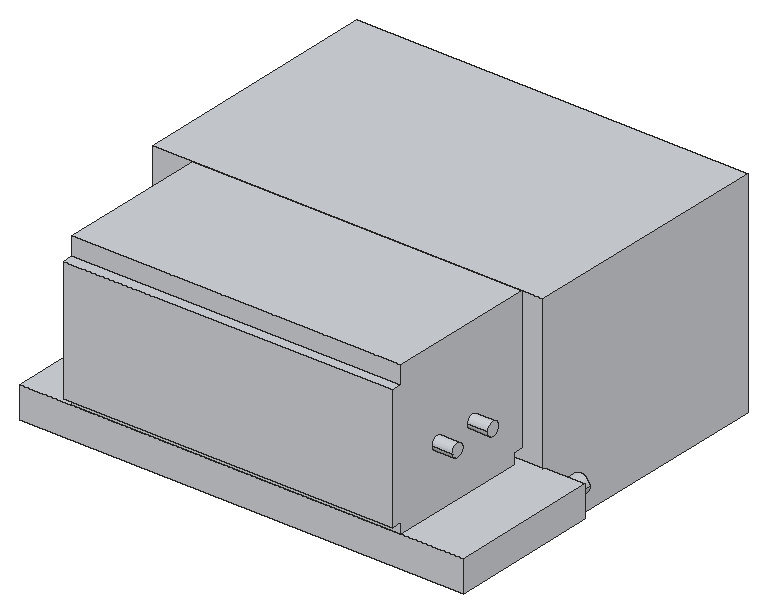
Revit family "rmeadvancedsamplefamily", category Mechanical Equipment, Revit 2021
Family settings
  Round Connector Dimension = Use Diameter
  Part Type = Normal
  OmniClass Number = 23.75.70.17.27
  OmniClass Title = Fan Coil Units
  Work Plane-Based = No
  Always vertical = Yes
  Cut with Voids When Loaded = No
  Shared = No
  Room Calculation Point = No
Parameters (values of type "94 LPS")
  Voltage = 120 V
  Unit Length = 539.8 mm
  Unit Height = 222.3 mm
  Total Cooling Capacity = 1758.43 W
  Supply Air Width = 400 mm
  Supply Air Height = 150 mm
  Sensible Cooling Capacity = 1348.13 W
  Return Air Width = 475 mm
  Refrigerant Flow [instance] = 0.06 L/s
  Number of Poles = 1
  Nominal Air Flow [instance] = 94.39 L/s
  Load Classification = Cooling
  External Static Pressure [instance] = 74.65 Pa
  Drain Flow [instance] = 0.0 L/s
  Default Elevation = 0 mm
  CFU Material = none
  C2 Offset 1 = 108 mm
  C1 Offset 1 = 108 mm
  Assembly Code = ""
  Apparent Load = 50 VA
Types (7, lengths in mm): name | Unit Length | Unit Height | Total Cooling Capacity | Supply Air Width | Supply Air Height | Sensible Cooling Capacity | Return Air Width | Refrigerant Flow | Nominal Air Flow | C2 Offset 1 | C1 Offset 1 | Apparent Load
  94 LPS | 539.8 | 222.3 | 1758.43 W | 400 | 150 | 1348.13 W | 475 | 0.06 L/s | 94.39 L/s | 108 | 108 | 50 VA
  141 LPS | 641.4 | 222.3 | 2637.64 W | 500 | 150 | 2022.19 W | 550 | 0.13 L/s | 141.58 L/s | 108 | 108 | 85 VA
  188 LPS | 793.8 | 222.3 | 3897.85 W | 650 | 150 | 3018.63 W | 700 | 0.19 L/s | 188.78 L/s | 108 | 108 | 165 VA
  282 LPS | 920.8 | 254 | 5275.28 W | 800 | 200 | 4278.84 W | 850 | 0.25 L/s | 283.17 L/s | 123.8 | 92.1 | 225 VA
  376 LPS | 1098.6 | 254 | 6623.41 W | 950 | 200 | 4952.9 W | 1000 | 0.32 L/s | 377.56 L/s | 123.8 | 92.1 | 235 VA
  470 LPS | 1454.2 | 254 | 8059.45 W | 1300 | 200 | 6154.49 W | 1400 | 0.38 L/s | 471.95 L/s | 85.7 | 123.8 | 305 VA
  564 LPS | 1657.4 | 254 | 9612.73 W | 1500 | 200 | 7326.78 W | 1600 | 0.44 L/s | 566.34 L/s | 85.7 | 123.8 | 435 VA
Reference planes
  plane 1 "Center (Front/Back)": y = 0
  plane 2: z = 0
  plane 3 "Center (Left/Right)": x = 0
  plane 4: y = -12.7
  plane 5: y = 495.3
  plane 6: x = 539.8
  plane 7: x = 463.6
  plane 8: x = 63.6
  plane 9: y = 184.15
  plane 10: z = 222.3
  plane 11: z = 38.1
  plane 12: z = 200.075
  plane 13: y = 171.45
  plane 14: z = 50.8
  plane 15: x = 14
  plane 16: x = 489
  plane 17: y = 53.975
  plane 18: y = 107.95
  plane 19: z = 114.3
  plane 20: z = 114.3
  plane 21: x = 514.4
  plane 22: z = 19.05
  plane 23: y = 209.55
  plane 24: y = 469.9
  plane 25: y = 393.7
  plane 26: z = 174.675
Forms (mm)
  Extrusion 1, solid, material <- "CFU Material"
    sketch origin (0, 0, 0) x (1, 0, 0) y (0, 1, 0)
      loop
        line (0, 184.15) -> (0, 0) -> (539.8, 0) -> (539.8, 184.15) -> (0, 184.15)
    from 0 to 38.1
  Extrusion 2, solid, material <- "CFU Material"
    sketch origin (0, 0, 0) x (0, 1, 0) y (0, 0, 1)
      loop
        line (184.15, 222.3) -> (0, 222.3) -> (0, 200.075) -> (-12.7, 200.075) -> (-12.7, 50.8) -> (0, 50.8) -> (0, 38.1) -> (171.45, 38.1) -> (171.45, 50.8) -> (184.15, 50.8) -> (184.15, 222.3)
    from 63.6 to 463.6
  Extrusion 3, solid, material <- "CFU Material"
    sketch origin (0, 0, 0) x (0, 1, 0) y (0, 0, 1)
      loop
        line (184.15, 222.3) -> (184.15, -38.05) -> (495.3, -38.05) -> (495.3, 222.3) -> (184.15, 222.3)
    from 14 to 489
  Extrusion 4, solid, material <- "CFU Material"
    sketch origin (0, 0, 0) x (1, 0, 0) y (0, 0, 1)
      loop
        circle (514.4, 19.05) r 11.113
    from -209.55 to -184.15
  Extrusion 5, solid, material <- "CFU Material"
    sketch origin (0, 0, 0) x (0, 1, 0) y (0, 0, 1)
      loop
        circle (53.975, 114.3) r 7.938
    from 463.6 to 489
  Extrusion 6, solid, material <- "CFU Material"
    sketch origin (0, 0, 0) x (0, 1, 0) y (0, 0, 1)
      loop
        circle (107.95, 114.3) r 7.938
    from 463.6 to 489
  Extrusion 7, solid, material <- "CFU Material"
    sketch origin (0, 0, 0) x (1, 0, 0) y (0, 1, 0)
      loop
        line (0, 469.9) -> (0, 393.7) -> (14, 393.7) -> (14, 469.9) -> (0, 469.9)
    from 174.675 to 200.075
Dimensions and locks
  locked: plane 4 to plane 1 "Center (Front/Back)" at 12.7
  locked: plane 4 to plane 5 at 508
  "Unit Length": plane 3 "Center (Left/Right)" to plane 6
  locked: plane 7 to plane 6 at 76.2
  "Supply Air Width": plane 8 to plane 7
  locked: plane 1 "Center (Front/Back)" to plane 9 at 184.15
  "Unit Height": plane 10 to plane 2
  locked: plane 11 to plane 2 at 38.1
  locked: plane 10 to plane 12 at 22.225
  locked: plane 13 to plane 9 at 12.7
  locked: plane 14 to plane 11 at 12.7
  locked: plane 10 to Extrusion 3 sketch curve at 260.35
  locked: plane 4 to plane 17 at 66.675
  locked: plane 4 to plane 18 at 120.65
  "C1 Offset 1": plane 10 to plane 19
  "C2 Offset 1": plane 10 to plane 20
  locked: plane 6 to plane 21 at 25.4
  equal spacing: plane 11, plane 22, level
  locked: plane 9 to plane 23 at 25.4
  locked: plane 7 to plane 16 at 25.4
  locked: plane 5 to plane 24 at 25.4
  locked: plane 24 to plane 25 at 76.2
  locked: plane 12 to plane 26 at 25.4
  "Return Air Width": plane 15 to plane 16
  radius of Extrusion 5 sketch curve = 7.938 mm
  radius of Extrusion 6 sketch curve = 7.938 mm
  aligned and locked: plane 3 "Center (Left/Right)" to Extrusion 1 sketch curve
  aligned and locked: plane 9 to Extrusion 1 sketch curve
  aligned and locked: plane 1 "Center (Front/Back)" to Extrusion 1 sketch curve
  aligned and locked: Extrusion 1 sketch curve to plane 6
  aligned and locked: Extrusion 1 to plane 2
  aligned and locked: plane 11 to Extrusion 1
  aligned and locked: plane 10 to Extrusion 2 sketch curve
  aligned and locked: plane 1 "Center (Front/Back)" to Extrusion 2 sketch curve  (x2)
  aligned and locked: plane 12 to Extrusion 2 sketch curve
  aligned and locked: plane 4 to Extrusion 2 sketch curve
  aligned and locked: Extrusion 2 sketch curve to plane 14  (x2)
  aligned and locked: Extrusion 2 sketch curve to plane 11
  aligned and locked: Extrusion 2 sketch curve to plane 13
  aligned and locked: Extrusion 2 sketch curve to plane 9
  aligned and locked: plane 7 to Extrusion 2
  aligned and locked: Extrusion 2 to plane 8
  aligned and locked: plane 16 to Extrusion 3
  aligned and locked: Extrusion 3 to plane 15
  aligned and locked: plane 22 to Extrusion 4 sketch curve
  aligned and locked: plane 21 to Extrusion 4 sketch curve
  aligned and locked: plane 9 to Extrusion 4
  aligned and locked: Extrusion 4 to plane 23
  aligned and locked: plane 17 to Extrusion 5 sketch curve
  aligned and locked: plane 19 to Extrusion 5 sketch curve
  aligned and locked: plane 20 to Extrusion 6 sketch curve
  aligned and locked: plane 18 to Extrusion 6 sketch curve
  aligned and locked: plane 16 to Extrusion 6
  aligned and locked: plane 16 to Extrusion 5
  aligned and locked: Extrusion 6 to plane 7
  aligned and locked: Extrusion 5 to plane 7
  aligned and locked: plane 3 "Center (Left/Right)" to Extrusion 7 sketch curve
  aligned and locked: Extrusion 7 sketch curve to plane 24
  aligned and locked: plane 25 to Extrusion 7 sketch curve
  aligned and locked: Extrusion 7 sketch curve to plane 15
  aligned and locked: plane 12 to Extrusion 7
  aligned and locked: Extrusion 7 to plane 26
Automatic sketch dimensions
  Extrusion 3 sketch curve to plane 9 = 0 mm
  Extrusion 3 sketch curve to plane 5 = 0 mm
  Extrusion 3 sketch curve to plane 10 = 0 mm
  radius of Extrusion 4 sketch curve = 11.113 mm
Connectors
  hvac at (263.6, -12.7, 125.437), driven by "Nominal Air Flow", driven by "Supply Air Height", driven by "Supply Air Width"
    settings: on Extrusion 2, index 1, duct flow 94.39 L/s, flow factor 0, pres drop 0.0 Pa, loss coef 0, conn angle 0.00°, conn width 400 mm, conn height 150 mm, conn diameter 609.6 mm, duct sys type 1, conn prof type 1, flow config 0, flow direction 2, loss method 0, conn ref index 2, conn util no, is conn primary yes, conn desc ""
  hvac at (251.5, 495.3, 92.125), driven by "Nominal Air Flow", driven by "Return Air Width"
    settings: on Extrusion 3, index 2, duct flow 94.39 L/s, flow factor 0, pres drop 0.0 Pa, loss coef 0, conn angle 0.00°, conn width 475 mm, conn height 260.35 mm, conn diameter 609.6 mm, duct sys type 2, conn prof type 1, flow config 0, flow direction 1, loss method 0, conn ref index 1, conn util no, is conn primary no, conn desc ""
  piping at (489, 53.975, 114.3), diameter 15.875, driven by "Refrigerant Flow"
    settings: on Extrusion 5, index 3, connector inside diameter 15.875 mm, connector length 0 mm, flow factor 0, pipe flow 0.06 L/s, pressure drop 0.0 Pa, fitting loss kfactor 0, connector angle 0.00°, fixture units 0, engagement length 0 mm, angle of deflection 0.00°, flow configuration 1, flow direction 1, fitting loss method 0, system type 22, joint type 0, gender type 0, connector reference index 4, connector utility 0, adjustable connector no, is connector primary yes, connector description "Refrigerant, In"
  piping at (489, 107.95, 114.3), diameter 15.875, driven by "Refrigerant Flow"
    settings: on Extrusion 6, index 4, connector inside diameter 15.875 mm, connector length 0 mm, flow factor 0, pipe flow 0.06 L/s, pressure drop 0.0 Pa, fitting loss kfactor 0, connector angle 0.00°, fixture units 0, engagement length 0 mm, angle of deflection 0.00°, flow configuration 1, flow direction 2, fitting loss method 0, system type 22, joint type 0, gender type 0, connector reference index 3, connector utility 0, adjustable connector no, is connector primary no, connector description "Refrigerant, Out"
  electrical at (0, 431.8, 187.375), driven by "Apparent Load", driven by "Voltage", driven by "Number of Poles", driven by "Load Classification"
    settings: on Extrusion 7, index 5, voltage 120 V, apparent load 50 VA, apparent load phase1 0 VA, apparent load phase2 0 VA, apparent load phase3 0 VA, power factor 0.8, load classification "Cooling", number of poles 1, system type 30, power factor state 1, is connector primary yes, connector utility no, sub classification motor no, connector description ""
  piping at (514.4, 209.55, 19.05), diameter 22.225, driven by "Drain Flow"
    settings: on Extrusion 4, index 6, connector inside diameter 22.225 mm, connector length 0 mm, flow factor 0, pipe flow 0.0 L/s, pressure drop 0.0 Pa, fitting loss kfactor 0, connector angle 0.00°, fixture units 0, engagement length 0 mm, angle of deflection 0.00°, flow configuration 1, flow direction 2, fitting loss method 0, system type 16, joint type 0, gender type 0, connector reference index -1, connector utility 0, adjustable connector yes, is connector primary no, connector description "Drain, Out"
